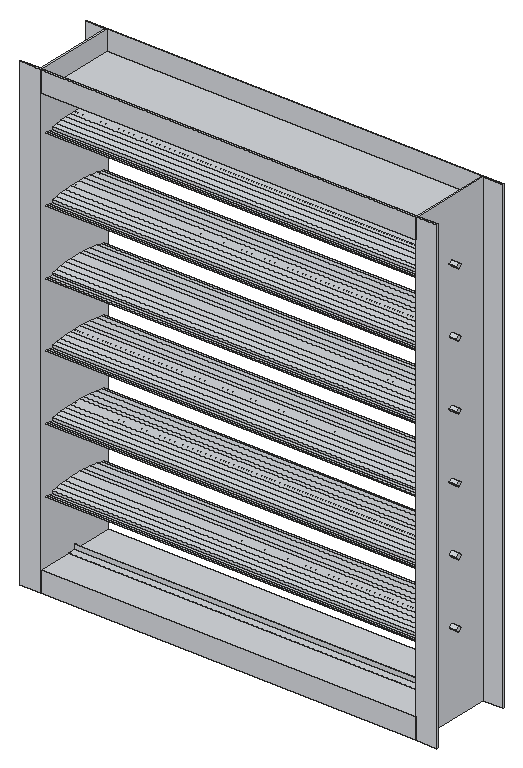
Revit family "AH-620,621", category Mechanical Equipment, Revit 2015
Parameters
  URL = "http://unitedenertech.com/catalog/pdf/C_9,%2010,%2011,%2012%20AH-620,%20621.pdf"
  Type Comments = "Max. Single Section Size is (60\"w x 96\"h)"
  Model = "AH-620, AH-621"
  Manufacturer = "United Enertech Corporation"
  Keynote = "This model is only a representation of the product, blade position will vary from built dampers"
  Exact Width = 3' - 0"
  Exact Height = 3' - 5"
  Description = "Industrial Airfoil Control Damper"
  Blade Spacing = 0' - 6 1/4"
  Blade Number [instance] = rounddown((Exact Height - 0' 1 1/2") / Blade Spacing)  # 6
  BW [instance] = Exact Width - 0' 0 3/16"  # 2' - 11 13/16"
Reference planes (in)
  plane 1 "Center (Front/Back)": y = 0
  plane 2: z = 0
  plane 3 "Center (Left/Right)": x = 0
  plane 4: x = -18
  plane 5: x = 18
  plane 6: x = -20
  plane 7: x = 20
  plane 8: z = 41
  plane 9: z = 43
  plane 10: z = -2
  plane 11: y = 8
  plane 12: z = 3.73036
  plane 13: z = 37.74413
Forms (in)
  Extrusion 1, solid
    sketch origin (0, 0, 0) x (0, 1, 0) y (0, 0, 1)
      loop
        line (8, -2) -> (8, 0) -> (0, 0) -> (0, -2) -> (0.1345, -2) -> (0.1345, -0.1345) -> (7.8655, -0.1345) -> (7.8655, -2) -> (8, -2)
    from -18 to 18
  Extrusion 2, solid
    sketch origin (0, 0, 0) x (0, 1, 0) y (0, 0, 1)
      loop
        line (8, 43) -> (7.8655, 43) -> (7.8655, 41.1345) -> (0.1345, 41.1345) -> (0.1345, 43) -> (0, 43) -> (0, 41) -> (8, 41) -> (8, 43)
    from -18 to 18
  Extrusion 3, solid
    sketch origin (0, 0, 0) x (1, 0, 0) y (0, 1, 0)
      loop
        line (-20, 0) -> (-18, 0) -> (-18, 8) -> (-20, 8) -> (-20, 7.8655) -> (-18.1345, 7.8655) -> (-18.1345, 0.1345) -> (-20, 0.1345) -> (-20, 0)
    from -2 to 43
  Extrusion 4, solid
    sketch origin (0, 0, 0) x (1, 0, 0) y (0, 1, 0)
      loop
        line (20, 8) -> (18, 8) -> (18, 0) -> (20, 0) -> (20, 0.1345) -> (18.1345, 0.1345) -> (18.1345, 7.8655) -> (20, 7.8655) -> (20, 8)
    from -2 to 43
  Extrusion 5, solid
    sketch origin (0, 0, 0) x (0, 1, 0) y (0, 0, 1)
      loop
        line (4, 41) -> (4, 40.5) -> (4.0478, 40.5) -> (4.0478, 40.9522) -> (4.75, 40.9522) -> (4.75, 41) -> (4, 41)
    from -18 to 18
  Extrusion 6, solid
    sketch origin (0, 8, 60) x (0, -1, 0) y (0, 0, -1)
      loop
        line (4, 60) -> (4, 59.5) -> (4.0478, 59.5) -> (4.0478, 59.9522) -> (4.75, 59.9522) -> (4.75, 60) -> (4, 60)
    from -18 to 18
Dimensions and locks (in)
  equal spacing: plane 4, plane 3 "Center (Left/Right)", plane 5
  "Exact Width": plane 4 to plane 5
  locked: plane 6 to plane 4 at 2
  locked: plane 5 to plane 7 at 2
  "Exact Height": plane 8 to level
  locked: level to plane 10 at 2
  locked: plane 9 to plane 8 at 2
  locked: plane 9 to plane 13 at 5.25587
  equal spacing: group 1, group 2, group 3, group 4, group 5, group 6  (x2)
  equal spacing: group 6, group 5, group 4, group 3, group 2, group 1
  "Blade Spacing": nested 2 to nested 1
  aligned and locked: level to plane 2
  aligned and locked: plane 4 to Extrusion 1
  aligned and locked: plane 5 to Extrusion 1
  aligned and locked: plane 4 to Extrusion 2
  aligned and locked: plane 5 to Extrusion 2
  aligned and locked: Extrusion 3 to plane 10
  aligned and locked: plane 9 to Extrusion 3
  aligned and locked: Extrusion 4 to plane 10
  aligned and locked: plane 9 to Extrusion 4
  aligned and locked: plane 4 to Extrusion 5
  aligned and locked: plane 5 to Extrusion 5
  aligned and locked: nested 1 to plane 3 "Center (Left/Right)"
  aligned and locked: nested 1 to plane 13
  aligned and locked: Extrusion 6 to level
  aligned and locked: plane 4 to Extrusion 6
  aligned and locked: plane 5 to Extrusion 6
Automatic sketch dimensions
  Extrusion 1 sketch curve to plane 1 "Center (Front/Back)" = 0' - 0"
  Extrusion 1 sketch curve to plane 10 = 0' - 0"  (x2)
  Extrusion 1 sketch curve to level = 0' - 0"
  Extrusion 1 sketch curve to plane 11 = 0' - 0"
  Extrusion 1 sketch curve to plane 1 "Center (Front/Back)" = 0' - 0.1345"
  Extrusion 1 sketch curve to plane 11 = 0' - 0.1345"
  Extrusion 1 sketch curve to level = 0' - 0.1345"
  Extrusion 2 sketch curve to plane 1 "Center (Front/Back)" = 0' - 0"
  Extrusion 2 sketch curve to plane 9 = 0' - 0"  (x2)
  Extrusion 2 sketch curve to plane 11 = 0' - 0"
  Extrusion 2 sketch curve to plane 8 = 0' - 0"
  Extrusion 2 sketch curve to plane 1 "Center (Front/Back)" = 0' - 0.1345"
  Extrusion 2 sketch curve to plane 11 = 0' - 0.1345"
  plane 8 to Extrusion 2 sketch curve = 0' - 0.1345"
  plane 1 "Center (Front/Back)" to Extrusion 3 sketch curve = 0' - 0"
  Extrusion 3 sketch curve to plane 6 = 0' - 0"  (x2)
  Extrusion 3 sketch curve to plane 4 = 0' - 0"
  Extrusion 3 sketch curve to plane 11 = 0' - 0"
  plane 4 to Extrusion 3 sketch curve = 0' - 0.1345"
  Extrusion 3 sketch curve to plane 1 "Center (Front/Back)" = 0' - 0.1345"
  Extrusion 3 sketch curve to plane 11 = 0' - 0.1345"
  Extrusion 4 sketch curve to plane 5 = 0' - 0"
  plane 1 "Center (Front/Back)" to Extrusion 4 sketch curve = 0' - 0"
  Extrusion 4 sketch curve to plane 7 = 0' - 0"  (x2)
  Extrusion 4 sketch curve to plane 11 = 0' - 0"
  plane 5 to Extrusion 4 sketch curve = 0' - 0.1345"
  Extrusion 4 sketch curve to plane 1 "Center (Front/Back)" = 0' - 0.1345"
  Extrusion 4 sketch curve to plane 11 = 0' - 0.1345"
  Extrusion 5 sketch curve to plane 8 = 0' - 0"
  Extrusion 5 sketch curve to plane 8 = 0' - 0 1/2"
  Extrusion 5 sketch curve to plane 1 "Center (Front/Back)" = 0' - 4"
  Extrusion 5 sketch curve to Extrusion 5 sketch curve = 0' - 0.0478"
  Extrusion 5 sketch curve to plane 8 = 0' - 0.0478"
  Extrusion 5 sketch curve to Extrusion 5 sketch curve = 0' - 0.7022"
  Extrusion 6 sketch curve to plane 1 "Center (Front/Back)" = 0' - 4"
  Extrusion 6 sketch curve to Extrusion 6 sketch curve = 0' - 0.0478"  (x2)
  Extrusion 6 sketch curve to Extrusion 6 sketch curve = 0' - 0.7022"
  Extrusion 6 sketch curve to plane 8 = 3' - 4 1/2"
  Extrusion 6 sketch curve to Extrusion 6 sketch curve = 0' - 0.4522"
Nested families (in)
  nested 1: "150BL" at (0, -3.9286, 43.35443) x (1, 0, 0) z (0, 0, -1), type "150BL"
    with Blade Width 2' - 11 13/16"
  nested 2: "150BL" at (0, -3.9286, 37.10443) x (1, 0, 0) z (0, 0, -1), type "150BL"
    with Blade Width 2' - 11 13/16"
  nested 3: "150BL" at (0, -3.9286, 30.85443) x (1, 0, 0) z (0, 0, -1), type "150BL"
    with Blade Width 2' - 11 13/16"
  nested 4: "150BL" at (0, -3.9286, 24.60443) x (1, 0, 0) z (0, 0, -1), type "150BL"
    with Blade Width 2' - 11 13/16"
  nested 5: "150BL" at (0, -3.9286, 18.35443) x (1, 0, 0) z (0, 0, -1), type "150BL"
    with Blade Width 2' - 11 13/16"
  nested 6: "150BL" at (0, -3.9286, 12.10443) x (1, 0, 0) z (0, 0, -1), type "150BL"
    with Blade Width 2' - 11 13/16"
Definition of nested family "150BL"
  Parameters (values of type "150BL")
    Blade Width = 3' - 10 1/16"
  Reference planes (in)
    plane 1 "Center (Front/Back)": y = 0
    plane 2: z = 0
    plane 3 "Center (Left/Right)": x = 0
    plane 4: x = -23.03125
    plane 5: x = 23.03125
    plane 6: x = -24.03125
    plane 7: x = -21.03125
    plane 8: x = 21.03125
    plane 9: x = 24.03125
  Forms (in)
    Extrusion 1, solid
      sketch origin (-2.31356, 40.79672, -3.60269) x (0, 1, 0) y (0, 0, 1)
        loop
          line (-36.34156, 9.61771) -> (-36.32084, 9.54039) -> (-35.91646, 9.6284) -> (-35.52979, 9.70143) -> (-35.52979, 9.45594) -> (-35.10866, 9.38863) -> (-34.56147, 9.31504) -> (-33.98979, 9.2547) -> (-33.44761, 9.21299) -> (-32.30457, 9.21299) -> (-31.84572, 9.23281) -> (-31.11827, 9.29444) -> (-30.2516, 9.41611) -> (-29.72802, 9.51555) -> (-29.39051, 9.59023) -> (-29.41121, 9.66748) -> (-29.81927, 9.57842) -> (-30.20697, 9.50493) -> (-30.20697, 9.74845) -> (-30.5749, 9.80785) -> (-31.09993, 9.88042) -> (-31.53804, 9.93011) -> (-31.97601, 9.96997) -> (-32.28761, 9.99239) -> (-33.44926, 9.99239) -> (-34.00709, 9.96562) -> (-34.46872, 9.92725) -> (-34.91646, 9.87588) -> (-35.39441, 9.80551) -> (-35.81337, 9.73043) -> (-36.34156, 9.61771)
        loop
          line (-30.28697, 9.49123) -> (-30.28697, 9.68086) -> (-30.60239, 9.7311) -> (-31.0903, 9.79859) -> (-31.68303, 9.86403) -> (-32.29119, 9.91242) -> (-32.80024, 9.91242) -> (-32.57304, 9.68523) -> (-32.68722, 9.68523) -> (-32.86812, 9.86613) -> (-33.13163, 9.60279) -> (-32.86812, 9.33929) -> (-32.69003, 9.51737) -> (-32.57591, 9.51737) -> (-32.80029, 9.29299) -> (-32.57455, 9.29299) -> (-32.18907, 9.29646) -> (-31.42211, 9.34456) -> (-30.77365, 9.4172) -> (-30.28697, 9.49123)
        loop
          line (-35.44979, 9.71556) -> (-35.44979, 9.52354) -> (-34.79776, 9.42561) -> (-34.05369, 9.34096) -> (-33.4461, 9.29302) -> (-32.93603, 9.29302) -> (-33.24571, 9.60271) -> (-32.936, 9.91242) -> (-33.4472, 9.91242) -> (-33.92906, 9.8905) -> (-34.59722, 9.83347) -> (-35.15668, 9.76166) -> (-35.44979, 9.71556)
      from -20.71769 to 25.34481
    Extrusion 2, solid
      sketch origin (-2.31356, 40.743, -0.94078) x (0, 1, 0) y (0, 0, 1)
        loop
          line (-32.81439, 7.20422) -> (-33.0779, 6.94088) -> (-32.81439, 6.67738) -> (-32.55097, 6.9408) -> (-32.81439, 7.20422)
      from 23.34481 to 26.34481
    Extrusion 3, solid
      sketch origin (-35.56356, 40.743, -0.94078) x (0, 1, 0) y (0, 0, 1)
        loop
          line (-32.81439, 7.20422) -> (-33.0779, 6.94088) -> (-32.81439, 6.67738) -> (-32.55097, 6.9408) -> (-32.81439, 7.20422)
      from 11.53231 to 14.53231
  Dimensions and locks (in)
    equal spacing: plane 4, plane 3 "Center (Left/Right)", plane 5
    "Blade Width": plane 4 to plane 5
    locked: plane 6 to plane 4 at 1
    locked: plane 4 to plane 7 at 2
    locked: plane 8 to plane 5 at 2
    locked: plane 5 to plane 9 at 1
    aligned and locked: level to plane 2
    aligned and locked: plane 5 to Extrusion 1
    aligned and locked: plane 4 to Extrusion 1
    aligned and locked: plane 9 to Extrusion 2
    aligned and locked: plane 8 to Extrusion 2
    aligned and locked: plane 6 to Extrusion 3
    aligned and locked: Extrusion 3 to plane 7
  Automatic sketch dimensions
    Extrusion 1 sketch curve to plane 1 "Center (Front/Back)" = 0' - 4.45517"
    Extrusion 1 sketch curve to Extrusion 1 sketch curve = 0' - 0.02072"
    Extrusion 1 sketch curve to Extrusion 1 sketch curve = 0' - 0.40438"
    Extrusion 1 sketch curve to Extrusion 1 sketch curve = 0' - 0.10309"
    Extrusion 1 sketch curve to Extrusion 1 sketch curve = 0' - 0.28358"
    Extrusion 1 sketch curve to Extrusion 1 sketch curve = 0' - 0.08"  (x3)
    Extrusion 1 sketch curve to Extrusion 1 sketch curve = 0' - 0.05538"
    Extrusion 1 sketch curve to Extrusion 1 sketch curve = 0' - 0.23773"
    Extrusion 1 sketch curve to Extrusion 1 sketch curve = 0' - 0.34113"
    Extrusion 1 sketch curve to Extrusion 1 sketch curve = 0' - 0.24022"
    Extrusion 1 sketch curve to Extrusion 1 sketch curve = 0' - 0.3109"
    Extrusion 1 sketch curve to Extrusion 1 sketch curve = 0' - 0.31924"
    Extrusion 1 sketch curve to Extrusion 1 sketch curve = 0' - 0.23629"
    Extrusion 1 sketch curve to Extrusion 1 sketch curve = 0' - 0.12851"
    Extrusion 1 sketch curve to Extrusion 1 sketch curve = 0' - 0.50778"
    Extrusion 1 sketch curve to Extrusion 1 sketch curve = 0' - 0.46162"
    Extrusion 1 sketch curve to Extrusion 1 sketch curve = 0' - 0.0639"
    Extrusion 1 sketch curve to Extrusion 1 sketch curve = 0' - 0.07803"
    Extrusion 1 sketch curve to Extrusion 1 sketch curve = 0' - 0.47981"
    Extrusion 1 sketch curve to Extrusion 1 sketch curve = 0' - 0.54218"
    Extrusion 1 sketch curve to Extrusion 1 sketch curve = 0' - 0.00206"
    Extrusion 1 sketch curve to Extrusion 1 sketch curve = 0' - 0.00152"
    Extrusion 1 sketch curve to Extrusion 1 sketch curve = 0' - 0.20038"
    Extrusion 1 sketch curve to Extrusion 1 sketch curve = 0' - 0.11409"
    Extrusion 1 sketch curve to Extrusion 1 sketch curve = 0' - 0.1956"
    Extrusion 1 sketch curve to Extrusion 1 sketch curve = 0' - 0.19563"
    Extrusion 1 sketch curve to Extrusion 1 sketch curve = 0' - 0.06791"
    Extrusion 1 sketch curve to Extrusion 1 sketch curve = 0' - 0.06788"  (x2)
    Extrusion 1 sketch curve to Extrusion 1 sketch curve = 0' - 0.06783"
    Extrusion 1 sketch curve to Extrusion 1 sketch curve = 0' - 0.11025"
    Extrusion 1 sketch curve to Extrusion 1 sketch curve = 0' - 0.00282"
    Extrusion 1 sketch curve to Extrusion 1 sketch curve = 0' - 0.11413"
    Extrusion 1 sketch curve to Extrusion 1 sketch curve = 0' - 0.00136"
    Extrusion 1 sketch curve to Extrusion 1 sketch curve = 0' - 0.11417"
    Extrusion 1 sketch curve to Extrusion 1 sketch curve = 0' - 0.26998"
    Extrusion 1 sketch curve to Extrusion 1 sketch curve = 0' - 0.28185"
    Extrusion 1 sketch curve to Extrusion 1 sketch curve = 0' - 0.00359"
    Extrusion 1 sketch curve to Extrusion 1 sketch curve = 0' - 0.1155"
    Extrusion 1 sketch curve to Extrusion 1 sketch curve = 0' - 0.3116"
    Extrusion 1 sketch curve to Extrusion 1 sketch curve = 0' - 0.34335"
    Extrusion 1 sketch curve to Extrusion 1 sketch curve = 0' - 0 75/256"
    Extrusion 1 sketch curve to Extrusion 1 sketch curve = 0' - 0.14499"
    Extrusion 1 sketch curve to Extrusion 1 sketch curve = 0' - 0.42361"
    Extrusion 1 sketch curve to Extrusion 1 sketch curve = 0' - 0.30383"
    Extrusion 1 sketch curve to Extrusion 1 sketch curve = 0' - 0.43811"
    Extrusion 1 sketch curve to Extrusion 1 sketch curve = 0' - 0.00963"
    Extrusion 1 sketch curve to Extrusion 1 sketch curve = 0' - 0.34462"
    Extrusion 1 sketch curve to Extrusion 1 sketch curve = 0' - 0.17127"
    Extrusion 1 sketch curve to Extrusion 1 sketch curve = 0' - 0.02749"
    Extrusion 1 sketch curve to Extrusion 1 sketch curve = 0' - 0.31542"
    Extrusion 1 sketch curve to Extrusion 1 sketch curve = 0' - 0.03537"
    Extrusion 1 sketch curve to Extrusion 1 sketch curve = 0' - 0.3877"
    Extrusion 1 sketch curve to Extrusion 1 sketch curve = 0' - 0.09125"
    Extrusion 1 sketch curve to Extrusion 1 sketch curve = 0' - 0.31681"
    Extrusion 1 sketch curve to Extrusion 1 sketch curve = 0' - 0.0207"
    level to Extrusion 1 sketch curve = 0' - 5.6103"
    Extrusion 1 sketch curve to Extrusion 1 sketch curve = 0' - 0.01982"
    Extrusion 1 sketch curve to Extrusion 1 sketch curve = 0' - 0.04171"
    Extrusion 1 sketch curve to Extrusion 1 sketch curve = 0' - 0.00003"
    Extrusion 1 sketch curve to Extrusion 1 sketch curve = 0' - 0.06162"
    Extrusion 1 sketch curve to Extrusion 1 sketch curve = 0' - 0.08347"
    Extrusion 1 sketch curve to Extrusion 1 sketch curve = 0' - 0.06034"
    Extrusion 1 sketch curve to Extrusion 1 sketch curve = 0' - 0.04629"  (x3)
    Extrusion 1 sketch curve to Extrusion 1 sketch curve = 0' - 0.08627"
    Extrusion 1 sketch curve to Extrusion 1 sketch curve = 0' - 0.05012"
    Extrusion 1 sketch curve to Extrusion 1 sketch curve = 0' - 0.0736"
    Extrusion 1 sketch curve to Extrusion 1 sketch curve = 0' - 0.12167"
    Extrusion 1 sketch curve to Extrusion 1 sketch curve = 0' - 0.12276"
    Extrusion 1 sketch curve to Extrusion 1 sketch curve = 0' - 0.11057"
    Extrusion 1 sketch curve to Extrusion 1 sketch curve = 0' - 0.0673"
    Extrusion 1 sketch curve to Extrusion 1 sketch curve = 0' - 0.07512"  (x2)
    Extrusion 1 sketch curve to Extrusion 1 sketch curve = 0' - 0.0137"
    Extrusion 1 sketch curve to Extrusion 1 sketch curve = 0' - 0.01061"
    Extrusion 1 sketch curve to Extrusion 1 sketch curve = 0' - 0.22438"
    Extrusion 1 sketch curve to Extrusion 1 sketch curve = 0' - 0.0676"  (x2)
    Extrusion 1 sketch curve to Extrusion 1 sketch curve = 0' - 0.08446"
    Extrusion 1 sketch curve to Extrusion 1 sketch curve = 0' - 0.06287"
    Extrusion 1 sketch curve to Extrusion 1 sketch curve = 0' - 0.07468"
    Extrusion 1 sketch curve to Extrusion 1 sketch curve = 0' - 0.00008"
    Extrusion 1 sketch curve to Extrusion 1 sketch curve = 0' - 0.07732"
    Extrusion 1 sketch curve to Extrusion 1 sketch curve = 0' - 0.08801"
    Extrusion 1 sketch curve to Extrusion 1 sketch curve = 0' - 0.07726"
    Extrusion 1 sketch curve to Extrusion 1 sketch curve = 0' - 0.18963"
    Extrusion 1 sketch curve to Extrusion 1 sketch curve = 0' - 0.16786"
    Extrusion 1 sketch curve to Extrusion 1 sketch curve = 0' - 0.17789"
    Extrusion 1 sketch curve to Extrusion 1 sketch curve = 0' - 0.01413"
    Extrusion 1 sketch curve to Extrusion 1 sketch curve = 0' - 0.10203"
    Extrusion 1 sketch curve to Extrusion 1 sketch curve = 0' - 0.05024"
    Extrusion 1 sketch curve to Extrusion 1 sketch curve = 0' - 0.0461"
    Extrusion 1 sketch curve to Extrusion 1 sketch curve = 0' - 0.06749"
    Extrusion 1 sketch curve to Extrusion 1 sketch curve = 0' - 0.08995"
    Extrusion 1 sketch curve to Extrusion 1 sketch curve = 0' - 0.07675"
    Extrusion 1 sketch curve to Extrusion 1 sketch curve = 0' - 0.40786"
    Extrusion 1 sketch curve to Extrusion 1 sketch curve = 0' - 0.51947"
    Extrusion 1 sketch curve to Extrusion 1 sketch curve = 0' - 0.11422"
    Extrusion 1 sketch curve to Extrusion 1 sketch curve = 0' - 0.08183"
    Extrusion 1 sketch curve to Extrusion 1 sketch curve = 0' - 0.02193"
    Extrusion 1 sketch curve to Extrusion 1 sketch curve = 0' - 0.09378"
    Extrusion 1 sketch curve to Extrusion 1 sketch curve = 0' - 0.06608"
    Extrusion 1 sketch curve to Extrusion 1 sketch curve = 0' - 0.10594"
    Extrusion 1 sketch curve to Extrusion 1 sketch curve = 0' - 0.07997"
    Extrusion 2 sketch curve to plane 1 "Center (Front/Back)" = 0' - 7.6651"
    Extrusion 2 sketch curve to Extrusion 2 sketch curve = 0' - 0.26351"  (x2)
    Extrusion 2 sketch curve to Extrusion 2 sketch curve = 0' - 0.26342"  (x2)
    level to Extrusion 2 sketch curve = 0' - 5.73659"
    Extrusion 3 sketch curve to plane 1 "Center (Front/Back)" = 0' - 7.6651"
    Extrusion 3 sketch curve to Extrusion 3 sketch curve = 0' - 0.26351"  (x2)
    Extrusion 3 sketch curve to Extrusion 3 sketch curve = 0' - 0.26342"  (x2)
    level to Extrusion 3 sketch curve = 0' - 5.73659"
